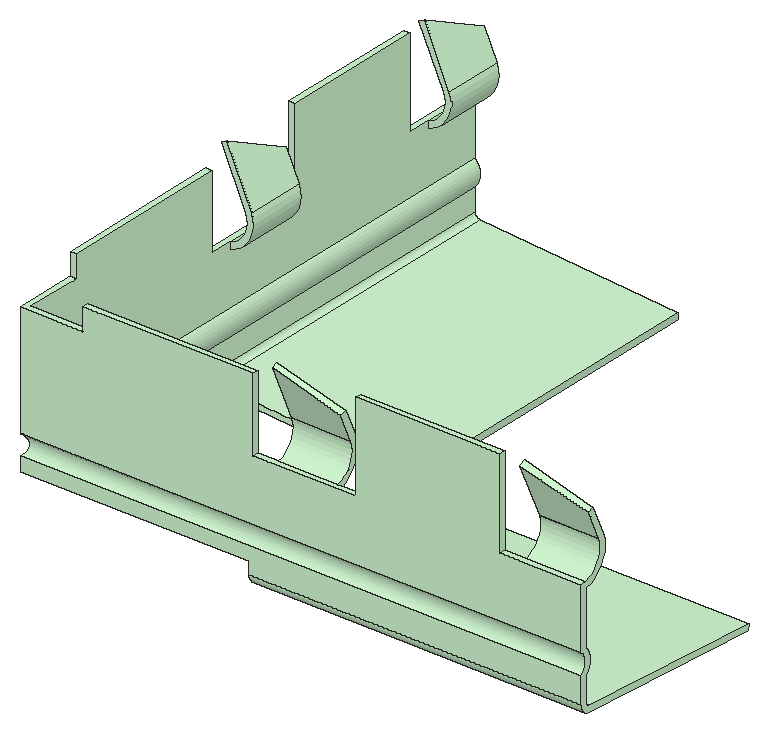
Revit family "axll_joint_in", category 機械設備, Revit 2022
Family settings
  丸型コネクタ寸法 = 直径を使用
  種別 = なし
  パーツ タイプ = 標準
  作業面ベース = いいえ
  常に垂直 = はい
  ロード時にボイドで切り取り = いいえ
  注釈の向きを維持 = いいえ
  共有 = いいえ
  部屋計算ポイント = いいえ
Parameters
  製造元 = "株式会社桐井製作所"
  既定の高さ = 0 mm
  URL = "https://www.kirii.co.jp/"
  K_材質 = "溶融亜鉛めっき鋼板及び鋼帯 SGCC 一般用"
  K_品名 = "AXLL-入隅ジョイント"
  K_名称 = "AXLLバージョイント"
  K_入数 = "300"
  K_バージョン情報 = "20220915"
  K_めっき付着量 = "Z12"
  K_JIS規格 = "JIS G 3302"
Reference planes
  plane 1 "中心(正面/背面)": y = 0
  plane 2: z = 0
  plane 3 "中心(左/右)": x = 0
Forms (mm)
  Extrusion 1, solid
    sketch origin (0, 0, 0) x (0, 1, 0) y (0, 0, 1)
      loop
        line (0, 3.394) -> (0, 6.496)
        arc (0, 6.496) -> (0.7, 8.246) -> (0, 9.996) r 2.537
        line (0, 9.996) -> (0, 30) -> (-0.8, 30) -> (-0.8, 9.64)
        arc (-0.8, 9.64) -> (-0.1, 8.246) -> (-0.8, 6.852) r 1.738
        line (-0.8, 6.852) -> (-0.8, 3.394)
        arc (-0.8, 3.394) -> (-0.397, 2.371) -> (0.594, 1.897) r 1.5
        line (0.594, 1.897) -> (27.444, 0) -> (27.5, 0.798) -> (0.651, 2.695)
        arc (0.651, 2.695) -> (0.188, 2.917) -> (0, 3.394) r 0.7
    from -0.8 to 75.2
  Extrusion 2, void
    sketch origin (23.5, 0, 0) x (1, 0, 0) y (0, 0, 1)
      loop
        line (51.7, 17.996) -> (51.7, 30) -> (40.7, 30) -> (40.7, 17.996) -> (51.7, 17.996)
    from 0 to 0.8
  Extrusion 3, void
    sketch origin (0, 0, 0) x (0, 1, 0) y (0, 0, 1)
      loop
        line (75.2, 17.996) -> (75.2, 30) -> (64.2, 30) -> (64.2, 17.996) -> (75.2, 17.996)
    from -0.8 to 0
  Extrusion 4, solid
    sketch origin (-0.8, 0, 0) x (-1, 0, 0) y (0, 0, -1)
      loop
        line (-0.8, -30) -> (0, -30) -> (0, -9.64)
        arc (0, -9.64) -> (-0.7, -8.246) -> (0, -6.852) r 1.738
        line (0, -6.852) -> (0, -3.394)
        arc (0, -3.394) -> (-0.403, -2.371) -> (-1.394, -1.897) r 1.5
        line (-1.394, -1.897) -> (-28.244, 0) -> (-28.3, -0.798) -> (-1.451, -2.695)
        arc (-1.451, -2.695) -> (-0.988, -2.917) -> (-0.8, -3.394) r 0.7
        line (-0.8, -3.394) -> (-0.8, -6.496)
        arc (-0.8, -6.496) -> (-1.5, -8.246) -> (-0.8, -9.996) r 2.537
        line (-0.8, -9.996) -> (-0.8, -30)
    from -75.2 to 0
  Extrusion 5, void
    sketch origin (0, 0, 0) x (1, 0, 0) y (0, 1, 0)
      loop
        line (30.2, 30.2) -> (-0.8, 30.2) -> (-0.8, -0.8) -> (30.2, -0.8) -> (30.2, 30.2)
    from 0 to 4.996
  Extrusion 6, void
    sketch origin (0, 0, 0) x (0, 1, 0) y (0, 0, 1)
      loop
        line (44.7, 17.996) -> (44.7, 30) -> (-0.8, 30) -> (-0.8, 24.996) -> (7.7, 24.996) -> (7.7, 27.996) -> (30.7, 27.996) -> (30.7, 17.996) -> (44.7, 17.996)
    from -0.8 to 0
  Extrusion 7, void
    sketch origin (0, -0.8, 0) x (1, 0, 0) y (0, 0, 1)
      loop
        line (44.7, 30) -> (-0.8, 30) -> (-0.8, 24.996) -> (7.7, 24.996) -> (7.7, 27.996) -> (30.7, 27.996) -> (30.7, 17.996) -> (44.7, 17.996) -> (44.7, 30)
    from -0.8 to 0
  Extrusion 8, void
    sketch origin (12.585, 0, 0.864) x (0, 1, 0) y (-0.406186, 0, 0.913791)
      loop
        line (75.2, 28) -> (75.2, 32) -> (67.2, 32) -> (75.2, 28)
    from -0.8 to 0
  Extrusion 9, solid
    sketch origin (0, -1.4, -1.825) x (-1, 0, 0) y (0, 0, -1)
      loop
        line (1.144, -31.605) -> (-2.199, -24.083)
        arc (-2.199, -24.083) -> (-2.047, -21.458) -> (0, -19.821) r 3.2
        line (0, -19.821) -> (0, -19)
        arc (0, -19) -> (-2.72, -21.019) -> (-2.915, -24.402) r 4
        line (-2.915, -24.402) -> (0.413, -31.93) -> (1.144, -31.605)
    from -76.6 to -68.6
  Extrusion 10, solid
    sketch origin (0, -34.9, -1.825) x (-1, 0, 0) y (0, 0, -1)
      loop
        line (1.144, -31.605) -> (-2.199, -24.083)
        arc (-2.199, -24.083) -> (-2.047, -21.458) -> (0, -19.821) r 3.2
        line (0, -19.821) -> (0, -19)
        arc (0, -19) -> (-2.72, -21.019) -> (-2.915, -24.402) r 4
        line (-2.915, -24.402) -> (0.413, -31.93) -> (1.144, -31.605)
    from -76.6 to -68.6
  Extrusion 11, void
    sketch origin (12.585, -33.5, 0.864) x (0, 1, 0) y (-0.406186, 0, 0.913791)
      loop
        line (75.2, 28) -> (75.2, 32) -> (67.2, 32) -> (75.2, 28)
    from -0.8 to 0
  Extrusion 12, solid
    sketch origin (110.246, 0, -1.825) x (0, -1, 0) y (0, 0, -1)
      loop
        line (1.144, -31.605) -> (-2.199, -24.083)
        arc (-2.199, -24.083) -> (-2.047, -21.458) -> (0, -19.821) r 3.2
        line (0, -19.821) -> (0, -19)
        arc (0, -19) -> (-2.72, -21.019) -> (-2.915, -24.402) r 4
        line (-2.915, -24.402) -> (0.413, -31.93) -> (1.144, -31.605)
    from -76.6 to -68.6
  Extrusion 13, void
    sketch origin (-33.554, 12.585, 0.864) x (1, 0, 0) y (0, 0.406186, -0.913791)
      loop
        line (75.2, -28) -> (67.2, -32) -> (75.2, -32) -> (75.2, -28)
    from -0.8 to 0
  Extrusion 14, solid
    sketch origin (143.8, 0, -1.825) x (0, -1, 0) y (0, 0, -1)
      loop
        line (1.144, -31.605) -> (-2.199, -24.083)
        arc (-2.199, -24.083) -> (-2.047, -21.458) -> (0, -19.821) r 3.2
        line (0, -19.821) -> (0, -19)
        arc (0, -19) -> (-2.72, -21.019) -> (-2.915, -24.402) r 4
        line (-2.915, -24.402) -> (0.413, -31.93) -> (1.144, -31.605)
    from -76.6 to -68.6
  Extrusion 15, void
    sketch origin (0, 12.585, 0.864) x (1, 0, 0) y (0, 0.406186, -0.913791)
      loop
        line (75.2, -28) -> (67.2, -32) -> (75.2, -32) -> (75.2, -28)
    from -0.8 to 0
  Extrusion 16, void
    sketch origin (0, 0, 0) x (1, 0, 0) y (0, 0, 1)
      loop
        line (-0.8, 9.64) -> (-0.8, 6.852)
        arc (-0.8, 6.852) -> (-0.1, 8.246) -> (-0.8, 9.64) r 1.738
    from -0.8 to 0.8
Cuts and joins
  Extrusion 2, Extrusion 5, Extrusion 6, Extrusion 7, Extrusion 16 cuts Extrusion 1
  Extrusion 3, Extrusion 5, Extrusion 6, Extrusion 7, Extrusion 8, Extrusion 16 cuts Extrusion 4
  Extrusion 8 cuts Extrusion 9
  Extrusion 11 cuts Extrusion 10
  Extrusion 13 cuts Extrusion 12
  Extrusion 15 cuts Extrusion 14
  joined: Extrusion 1, Extrusion 4, Extrusion 9, Extrusion 10, Extrusion 12, Extrusion 14
Dimensions and locks
  aligned and locked: level to plane 2
